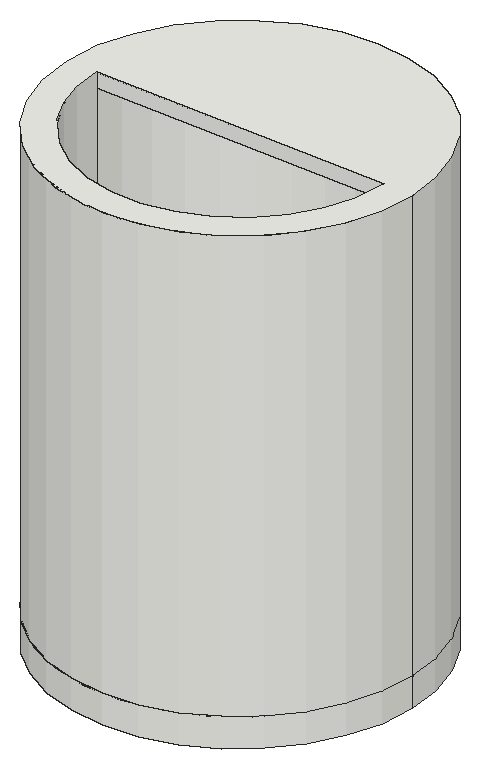
Revit family "adb74608af414f998d951635f5565ee0", category Lighting Fixtures, host Face, Revit 2021
Family settings
  Host = Face
  Round Connector Dimension = Use Diameter
  Part Type = Normal
  OmniClass Number = 23.80.70.11.14.11
  OmniClass Title = Downlights
  Seek Item ID = Downlight - Wall Washer-0000-USA-ENU
  Cut with Voids When Loaded = No
  Light Source = Yes
  Shared = No
  Room Calculation Point = No
Parameters (values of type "6" Incandescent - 120V")
  Wattage Comments = ""
  Wattage = 60 W
  built-in parameter 1150110 = 1 (stored number, unit not read)
  built-in parameter 1150109 = 1 (stored number, unit not read)
  built-in parameter 1150134 = 4
  built-in parameter 1150113 = 1 (stored number, unit not read)
  Tilt Angle = -90.00°
  Recessing Radius = Recessing Diameter / 2  # 0' - 3"
  Recessing Inner Radius = Recessing Radius - 0' 0 1/2"  # 0' - 2 1/2"
  Recessing Height = 0' - 8"
  Recessing Diameter = 0' - 6"
  Photometric Web File = "CLFR1A19.ies"
  Material = Steel, Paint Finish, Ivory, Glossy
  Lumens = 855 lm
  built-in parameter 1114217 = 1 (stored number, unit not read)
  built-in parameter 1150115 = 1 (stored number, unit not read)
  built-in parameter 1150105 = 68.039 (stored number, unit not read)
  Load Classification = Lighting - Dwelling Unit
  built-in parameter 1150137 = 1
  built-in parameter 1150139 = (empty or 0)
  built-in parameter 1150112 = 1 (stored number, unit not read)
  built-in parameter 1150114 = 1 (stored number, unit not read)
  Lamp = "A-19"
  built-in parameter 1150132 = (empty or 0)
  built-in parameter 1150102 = (empty or 0)
  built-in parameter 1150138 = (empty or 0)
  built-in parameter 1150107 = 2800 (stored number, unit not read)
  built-in parameter 1150106 = 0.68039 (stored number, unit not read)
  built-in parameter 1150104 = 1.3239 (stored number, unit not read)
  Dimming Lamp Color Temperature Shift = <None>
  Default Elevation = 4' - 0"
  Color Filter = 16777215
  built-in parameter 1140040 [instance] = 1
  Ballast Voltage = 120 V
  Ballast Number of Poles = 1
  built-in parameter 1114218 = 1 (stored number, unit not read)
  built-in parameter 1150133 = 10 (stored number, unit not read)
  Assembly Code = "D5020220"
  Apparent Load = 60 VA
Types (7): name | Wattage | built-in parameter 1150134 | Recessing Radius | Recessing Inner Radius | Recessing Diameter | Photometric Web File | Lumens | built-in parameter 1114217 | built-in parameter 1150105 | Lamp | built-in parameter 1150107 | built-in parameter 1150106 | built-in parameter 1150104 | Ballast Voltage | built-in parameter 1114218 | Assembly Code | Apparent Load
  (no name) | 60 W | 4 | 0' - 3" | 0' - 2 1/2" | 0' - 6" | "CLFR1A19.ies" | 855 lm | 1 (stored number, unit not read) | 68.039 (stored number, unit not read) | "A-19" | 2800 (stored number, unit not read) | 0.68039 (stored number, unit not read) | 1.3239 (stored number, unit not read) | 120 V | 1 (stored number, unit not read) | "D5020220" | 60 VA
  6" Incandescent - 120V | 60 W | 4 | 0' - 3" | 0' - 2 1/2" | 0' - 6" | "CLFR1A19.ies" | 855 lm | 1 (stored number, unit not read) | 68.039 (stored number, unit not read) | "A-19" | 2800 (stored number, unit not read) | 0.68039 (stored number, unit not read) | 1.3239 (stored number, unit not read) | 120 V | 1 (stored number, unit not read) | "D5020220" | 60 VA
  6" Incandescent - 277V | 60 W | 4 | 0' - 3" | 0' - 2 1/2" | 0' - 6" | "CLFR1A19.ies" | 855 lm | 1 (stored number, unit not read) | 68.039 (stored number, unit not read) | "A-19" | 2800 (stored number, unit not read) | 0.68039 (stored number, unit not read) | 1.3239 (stored number, unit not read) | 277 V | 1 (stored number, unit not read) | "D5020220" | 60 VA
  8" Incandescent - 120V | 100 W | 4 | 0' - 4" | 0' - 3 1/2" | 0' - 8" | "CLFR1A21.ies" | 1750 lm | 1 (stored number, unit not read) | 139.26 (stored number, unit not read) | "A-19" | 2800 (stored number, unit not read) | 1.3926 (stored number, unit not read) | 1.6258 (stored number, unit not read) | 120 V | 1 (stored number, unit not read) | "D5020220" | 100 VA
  8" Incandescent - 277V | 100 W | 4 | 0' - 4" | 0' - 3 1/2" | 0' - 8" | "CLFR1A21.ies" | 1750 lm | 1 (stored number, unit not read) | 139.26 (stored number, unit not read) | "A-19" | 2800 (stored number, unit not read) | 1.3926 (stored number, unit not read) | 1.6258 (stored number, unit not read) | 277 V | 1 (stored number, unit not read) | "D5020220" | 100 VA
  Fluorescent - 120V | 18 W | 8 | 0' - 4" | 0' - 3 1/2" | 0' - 8" | "DRC1CF.ies" | 1249.92 lm | 0.88 (stored number, unit not read) | 99.465 (stored number, unit not read) | 0' - 0" | 4230 (stored number, unit not read) | 0.99465 (stored number, unit not read) | 6.4512 (stored number, unit not read) | 120 V | 0.88 (stored number, unit not read) | "D5020210" | 18 VA
  Fluorescent - 277V | 18 W | 8 | 0' - 4" | 0' - 3 1/2" | 0' - 8" | "DRC1CF.ies" | 1249.92 lm | 0.88 (stored number, unit not read) | 99.465 (stored number, unit not read) | 0' - 0" | 4230 (stored number, unit not read) | 0.99465 (stored number, unit not read) | 6.4512 (stored number, unit not read) | 277 V | 0.88 (stored number, unit not read) | "D5020210" | 18 VA
Reference planes (in)
  plane 1 "Center (Front/Back)": y = 0
  plane 2: z = 0
  plane 3 "Center (Left/Right)": x = 0
  plane 4: z = -36
  plane 5: z = -8
  plane 6: z = -7.5
  plane 7: z = -0.25
  plane 8: x = -3
  plane 9: x = 3
  plane 10: y = -6.36328
  plane 11: z = -3
Forms (in)
  Extrusion 1, void
    sketch origin (0, 0, 0) x (1, 0, 0) y (0, 1, 0)
      loop
        circle (0, 0) r 3
    from 0 to -36
  Extrusion 2, solid, material "Steel, Paint Finish, Ivory, Glossy" <- "Material"
    sketch origin (0, 0, 0) x (1, 0, 0) y (0, 1, 0)
      loop
        circle (0, 0) r 3
      loop
        circle (0, 0) r 2.5
    from 0 to -7.5
  Extrusion 3, solid, material "Steel, Paint Finish, Ivory, Glossy" <- "Material"
    sketch origin (0, 0, 0) x (1, 0, 0) y (0, 1, 0)
      loop
        circle (0, 0) r 3
    from -8 to -7.5
  Extrusion 4, solid, material "Steel, Paint Finish, Ivory, Glossy" <- "Material"
    sketch origin (0, 0, 0) x (1, 0, 0) y (0, 1, 0)
      loop
        line (-3, 0) -> (3, 0)
        arc (3, 0) -> (0, 3) -> (-3, 0) r 3
    from -0.25 to 0
Cuts and joins
  joined: Extrusion 2, Extrusion 4
Lines and regions (in)
  symbolic lines
    curve 1: line (0, -6.36328, 0) -> (3, -3.36328, 0)
    curve 2: line (0, -6.36328, 0) -> (-3, -3.36328, 0)
    curve 3: circle (0, 0, 0) r 3 normal (0, 0, 1)
Dimensions and locks (in)
  locked: plane 2 to plane 4 at 36
  "Recessing Height": plane 2 to plane 5
  locked: plane 6 to plane 5 at 0.5
  locked: plane 2 to plane 7 at 0.25
  "Recessing Radius": plane 8 to plane 3 "Center (Left/Right)"
  "Recessing Radius": plane 3 "Center (Left/Right)" to plane 9
  locked: plane 1 "Center (Front/Back)" to plane 10 at 6.36328
  locked: level to plane 11 at 3
  "Recessing Radius": radius of Extrusion 1 sketch curve
  "Recessing Radius": radius of Extrusion 2 sketch curve
  "Recessing Inner Radius": radius of Extrusion 2 sketch curve
  "Recessing Radius": radius of Extrusion 3 sketch curve
  "Recessing Radius": radius of Extrusion 4 sketch curve
  "Recessing Radius": radius of curve 3
  angle Extrusion 4 sketch curve to Extrusion 4 sketch curve = 180.00°
  locked: plane 10 to curve 1 (angle 45.00°)
  locked: curve 2 to plane 10 (angle 45.00°)
  aligned and locked: plane 2 to host face
  aligned and locked: level to host face
  aligned and locked: plane 1 "Center (Front/Back)" to Extrusion 1 sketch curve
  aligned and locked: plane 3 "Center (Left/Right)" to Extrusion 1 sketch curve
  aligned and locked: Extrusion 1 to plane 2
  aligned and locked: Extrusion 1 to plane 4
  aligned and locked: plane 1 "Center (Front/Back)" to Extrusion 2 sketch curve  (x2)
  aligned and locked: plane 3 "Center (Left/Right)" to Extrusion 2 sketch curve  (x2)
  aligned and locked: Extrusion 2 to plane 2
  aligned and locked: Extrusion 2 to plane 6
  aligned and locked: plane 1 "Center (Front/Back)" to Extrusion 3 sketch curve
  aligned and locked: plane 3 "Center (Left/Right)" to Extrusion 3 sketch curve
  aligned and locked: plane 6 to Extrusion 3
  aligned and locked: Extrusion 3 to plane 5
  aligned and locked: plane 1 "Center (Front/Back)" to Extrusion 4 sketch curve
  aligned and locked: plane 3 "Center (Left/Right)" to Extrusion 4 sketch curve
  aligned and locked: Extrusion 4 sketch curve to Extrusion 2
  aligned and locked: Extrusion 4 to plane 7
  aligned and locked: plane 2 to Extrusion 4
  aligned and locked: plane 3 "Center (Left/Right)" to curve 1
  aligned and locked: plane 9 to curve 1
  aligned and locked: plane 10 to curve 2
  aligned and locked: plane 8 to curve 2
  aligned and locked: plane 1 "Center (Front/Back)" to curve 3
  aligned and locked: plane 3 "Center (Left/Right)" to curve 3
  aligned and locked: plane 3 "Center (Left/Right)" to imposter light
  aligned and locked: plane 1 "Center (Front/Back)" to imposter light
  aligned and locked: plane 11 to imposter light
Automatic sketch dimensions
  host sketch curve to host sketch curve = 8' - 0"  (x2)
Connectors (in)
  electrical at (0, 0, -8), driven by "Apparent Load", driven by "Ballast Voltage", driven by "Ballast Number of Poles", driven by "Load Classification"
    settings: on Extrusion 3, index 1, voltage 120 V, apparent load 0 VA, apparent load phase1 60 VA, apparent load phase2 0 VA, apparent load phase3 0 VA, power factor 0.95, load classification "Lighting - Dwelling Unit", number of poles 1, system type 31, power factor state 1, is connector primary yes, connector utility no, sub classification motor no, connector description ""
